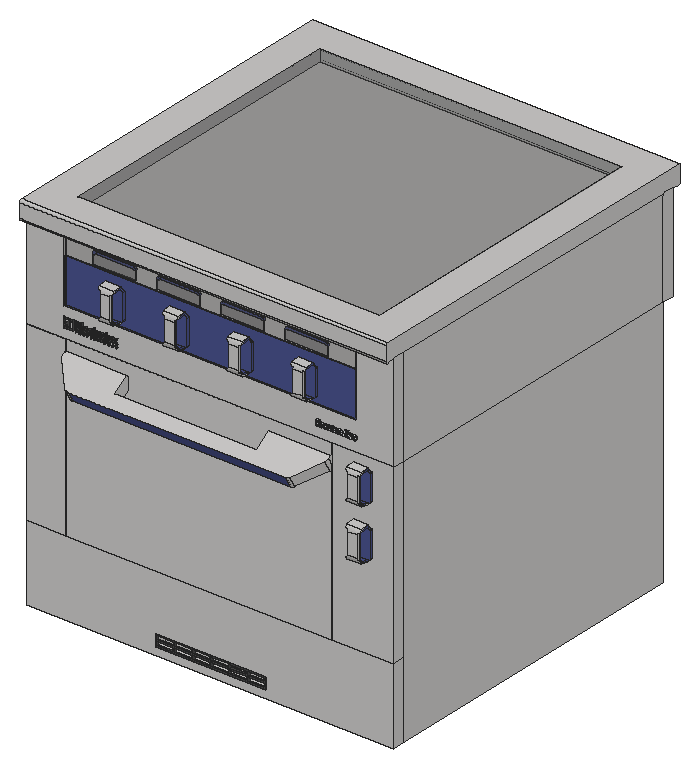
Revit family "QF_ELECTROLUXPROFESSIONAL_588430_MAIMFAH8AO", category Attrezzature speciali, Revit 2020
Family settings
  Quota connettore circolare = Usa diametro
  Tipo di parte = Normale
  Basato su piano di lavoro = No
  Sempre verticale = Sì
  Taglio con vuoti quando caricato = No
  Condiviso = No
  Punto di calcolo locali = No
Parameters (values of type "Standard")
  Weight = 121.00 kg
  Watts = 25000 W
  Volts = 400 V
  URL Manufacturer = "https://www.electroluxprofessional.com/"
  URL = "https://www.electroluxprofessional.com/"
  Steam Supply Size = 0"
  Steam Supply Minimum Pressure = 0.00 psi
  Steam Supply Maximum Pressure = 0.00 psi
  Steam Consumption per Hour = 0
  Refrigeration Suction Line Size = 0 mm
  Refrigeration Liquid Line Size = 0 mm
  Refrigerant Compressor Remote = yes
  Prospetto di default = 0 mm
  Phase = 3
  Modello = "MAIMFAH8AO"
  Produttore = "Electrolux Professional"
  Length Actual = 800 mm  # constant formula
  Item Number = "588430"
  Hot Water Size = 0"
  Height Actual = 800 mm  # constant formula
  HP = "33.5 HP"
  Gas Size = 0"
  Gas KW = 0
  Gas Input Pressure = 0.0 Btu/h
  Direct Waste Size = 0"
  Descrizione = "INDUCTION,4Z,ST.OVEN,1S,800X800X800H"
  Depth Actual = 800 mm  # constant formula
  Cycle = 50 Hz
  Condensate Return Size = 0"
  Compressed Air Volume = 0 GPM
  Compressed Air Size = 0"
  Compressed Air Pressure = 0.00 psi
  Cold Water Size = 0"
  Accessory = yes
Reference planes
  plane 1 "BACK": y = 0
  plane 2: z = 0
  plane 3 "LEFT": x = 0
  plane 4 "RIGHT": x = 800
  plane 5 "FRONT": y = -800
  plane 6 "TOP": z = 900
  plane 7 "Center (Left/Right)": x = 400
  plane 8: y = -400
  plane 9: z = 100
  plane 10: y = -150
  plane 11 "Panel": y = -755
  plane 12: z = 798
  plane 13: z = 1327
  plane 14: x = 78
  plane 15: x = 722
  plane 16: y = -150
  plane 17: y = -650
  plane 18 "EIx": x = 755
  plane 19 "EIy": y = -585
Forms (mm)
  Extrusion 1, solid, material "QF_Finishes_Stainless Steel"
    sketch origin (-178.969, -4572, 100) x (-1, 0, 0) y (0, -1, 0)
      loop
        line (-178.969, -4527) -> (-178.969, -3817) -> (-978.969, -3817) -> (-978.969, -4527) -> (-178.969, -4527)
    from 550 to 763
  Extrusion 2, solid, material "QF_Finishes_Stainless Steel"
    sketch origin (0, 0, 0) x (0, 1, 0) y (0, 0, 1)
      loop
        line (-755, 100) -> (-755, 265) -> (-780, 265) -> (-780, 100) -> (-755, 100)
    from 0 to 800
  Extrusion 3, solid, material "QF_Finishes_Stainless Steel"
    sketch origin (-588.969, -4562, 100) x (-1, 0, 0) y (0, -1, 0)
      loop
        circle (-1343.969, -3977) r 6.35
    from 0 to -11.851
  Extrusion 4, solid, material "QF_Finishes_Stainless Steel"
    sketch origin (400, 296.4, 1219.2) x (0, 1, 0) y (0, 0, 1)
      loop
        line (-296.4, -319.2) -> (-1091.4, -319.2)
        arc (-1091.4, -319.2) -> (-1094.935, -320.664) -> (-1096.4, -324.2) r 5
        line (-1096.4, -324.2) -> (-1096.4, -355.2)
        arc (-1096.4, -355.2) -> (-1094.971, -358.264) -> (-1091.705, -359.139) r 4
        line (-1091.705, -359.139) -> (-1076.4, -356.231) -> (-316.4, -356.231) -> (-301.094, -359.139)
        arc (-301.094, -359.139) -> (-297.829, -358.264) -> (-296.4, -355.2) r 4
        line (-296.4, -355.2) -> (-296.4, -319.2)
    from -400 to 400
  Extrusion 5, solid, material "QF_Finishes_Electrolux_Black Smoke Iluminated"
    sketch origin (0, 0, 900) x (-1, 0, 0) y (0, -1, 0)
      loop
        line (-70, 70) -> (-70, 730) -> (-730, 730) -> (-730, 70) -> (-70, 70)
    from 0 to -20
  Extrusion 6, solid, material "QF_Finishes_Stainless Steel"
    sketch origin (-178.969, -4572, 100) x (-1, 0, 0) y (0, -1, 0)
      loop
        line (-178.969, -4527) -> (-178.969, -3817) -> (-978.969, -3817) -> (-978.969, -4527) -> (-178.969, -4527)
    from 550 to 0
  Extrusion 7, void
    sketch origin (0, -755, 0) x (-1, 0, 0) y (0, 0, 1)
      loop
        line (-520, 116.594) -> (-280, 116.594) -> (-280, 141.594) -> (-520, 141.594) -> (-520, 116.594)
    from 0 to -25
  Extrusion 8, solid, material "QF_Finishes_Black"
    sketch origin (0, -755, 0) x (-1, 0, 0) y (0, 0, 1)
      loop
        line (-280, 141.594) -> (-520, 141.594) -> (-520, 116.594) -> (-280, 116.594) -> (-280, 141.594)
      loop
        line (-282, 139.594) -> (-319.131, 139.594) -> (-319.131, 130.094) -> (-282, 130.094) -> (-282, 139.594)
      loop
        line (-282, 118.594) -> (-282, 128.094) -> (-319.131, 128.094) -> (-319.131, 118.594) -> (-282, 118.594)
      loop
        line (-321.131, 139.594) -> (-359.066, 139.594) -> (-359.066, 130.094) -> (-321.131, 130.094) -> (-321.131, 139.594)
      loop
        line (-399, 139.594) -> (-399, 130.094) -> (-361.066, 130.094) -> (-361.066, 139.594) -> (-399, 139.594)
      loop
        line (-401, 139.594) -> (-438.934, 139.594) -> (-438.934, 130.094) -> (-401, 130.094) -> (-401, 139.594)
      loop
        line (-359.066, 118.594) -> (-321.131, 118.594) -> (-321.131, 128.094) -> (-359.066, 128.094) -> (-359.066, 118.594)
      loop
        line (-361.066, 118.594) -> (-361.066, 128.094) -> (-399, 128.094) -> (-399, 118.594) -> (-361.066, 118.594)
      loop
        line (-401, 128.094) -> (-438.934, 128.094) -> (-438.934, 118.594) -> (-401, 118.594) -> (-401, 128.094)
      loop
        line (-518, 139.594) -> (-518, 130.094) -> (-480.869, 130.094) -> (-480.869, 139.594) -> (-518, 139.594)
      loop
        line (-518, 118.594) -> (-480.869, 118.594) -> (-480.869, 128.094) -> (-518, 128.094) -> (-518, 118.594)
      loop
        line (-478.869, 139.594) -> (-478.869, 130.094) -> (-440.934, 130.094) -> (-440.934, 139.594) -> (-478.869, 139.594)
      loop
        line (-440.934, 118.594) -> (-440.934, 128.094) -> (-478.869, 128.094) -> (-478.869, 118.594) -> (-440.934, 118.594)
    from -25.03 to -20
  Extrusion 9, void
    sketch origin (0, 0, 900) x (-1, 0, 0) y (0, -1, 0)
      loop
        line (-70, 730) -> (-730, 730) -> (-730, 70) -> (-70, 70) -> (-70, 730)
    from 0 to -25
  Extrusion 10, solid, material "QF_Finishes_Stainless Steel"
    sketch origin (400, 296.4, 1219.2) x (0, 1, 0) y (0, 0, 1)
      loop
        line (-341.4, -569.2) -> (-316.4, -569.2) -> (-316.4, -356.231) -> (-341.4, -356.231) -> (-341.4, -569.2)
    from -400 to 400
Cuts and joins
  Extrusion 7 cuts Extrusion 6
  Extrusion 7 cuts Extrusion 2
  Extrusion 9 cuts Extrusion 4
Lines and regions (mm)
  symbolic lines
    curve 1: line (0, 0, 100) -> (800, 0, 100)
    curve 2: line (0, -800, 100) -> (0, 0, 100)
    curve 3: line (800, -800, 100) -> (0, -800, 100)
    curve 4: line (800, 0, 100) -> (800, -800, 100)
    curve 43: line (70, -70, 900) -> (70, -730, 900)
    curve 44: line (730, -70, 900) -> (70, -70, 900)
    curve 45: line (730, -730, 900) -> (730, -70, 900)
    curve 46: line (70, -730, 900) -> (730, -730, 900)
  model lines
    curve 5: line (695.34, -85, 900) -> (104.7, -85, 900)
    curve 6: line (104.7, -85, 900) -> (83.818, -105.882, 900)
    curve 7: line (695.34, -85, 900) -> (716.222, -105.882, 900)
    curve 8: line (695.34, -715.016, 900) -> (104.7, -715.016, 900)
    curve 9: line (104.7, -715.016, 900) -> (83.818, -694.133, 900)
    curve 10: line (695.34, -715.016, 900) -> (716.222, -694.133, 900)
    curve 11: line (111.855, -137.021, 900) -> (111.855, -368.354, 900)
    curve 12: line (111.855, -368.354, 900) -> (129.256, -385.756, 900)
    curve 13: line (111.855, -137.021, 900) -> (129.256, -119.619, 900)
    curve 14: line (195.528, -252.687, 900) -> (293.968, -252.687, 900)
    curve 15: line (377.642, -137.021, 900) -> (377.642, -368.354, 900)
    curve 16: line (377.642, -368.354, 900) -> (360.24, -385.756, 900)
    curve 17: line (377.642, -137.021, 900) -> (360.24, -119.619, 900)
    curve 18: line (244.748, -301.907, 900) -> (244.748, -203.467, 900)
    curve 19: line (688.186, -137.021, 900) -> (688.186, -368.354, 900)
    curve 20: line (688.186, -368.354, 900) -> (670.784, -385.756, 900)
    curve 21: line (688.186, -137.021, 900) -> (670.784, -119.619, 900)
    curve 22: line (604.512, -252.687, 900) -> (506.072, -252.687, 900)
    curve 23: line (422.398, -137.021, 900) -> (422.398, -368.354, 900)
    curve 24: line (422.398, -368.354, 900) -> (439.8, -385.756, 900)
    curve 25: line (422.398, -137.021, 900) -> (439.8, -119.619, 900)
    curve 26: line (555.292, -301.907, 900) -> (555.292, -203.467, 900)
    curve 27: line (111.855, -662.995, 900) -> (111.855, -431.661, 900)
    curve 28: line (111.855, -431.661, 900) -> (129.256, -414.259, 900)
    curve 29: line (111.855, -662.995, 900) -> (129.256, -680.397, 900)
    curve 30: line (195.528, -547.328, 900) -> (293.968, -547.328, 900)
    curve 31: line (377.642, -662.995, 900) -> (377.642, -431.661, 900)
    curve 32: line (377.642, -431.661, 900) -> (360.24, -414.259, 900)
    curve 33: line (377.642, -662.995, 900) -> (360.24, -680.397, 900)
    curve 34: line (244.748, -498.108, 900) -> (244.748, -596.548, 900)
    curve 35: line (688.186, -662.995, 900) -> (688.186, -431.661, 900)
    curve 36: line (688.186, -431.661, 900) -> (670.784, -414.259, 900)
    curve 37: line (688.186, -662.995, 900) -> (670.784, -680.397, 900)
    curve 38: line (604.512, -547.328, 900) -> (506.072, -547.328, 900)
    curve 39: line (422.398, -662.995, 900) -> (422.398, -431.661, 900)
    curve 40: line (422.398, -431.661, 900) -> (439.8, -414.259, 900)
    curve 41: line (422.398, -662.995, 900) -> (439.8, -680.397, 900)
    curve 42: line (555.292, -498.108, 900) -> (555.292, -596.548, 900)
Dimensions and locks
  plane 3 "LEFT" to plane 4 "RIGHT" = 800 mm
  plane 5 "FRONT" to plane 1 "BACK" = 800 mm
  equal spacing: plane 3 "LEFT", plane 7 "Center (Left/Right)", plane 4 "RIGHT"
  equal spacing: plane 5 "FRONT", plane 8, plane 1 "BACK"
  plane 6 "TOP" to level = 900 mm  (x2)
  plane 9 to level = 100 mm
  plane 1 "BACK" to plane 10 to plane 11 "Panel" = 150 mm, 605 mm  (x2)
  plane 6 "TOP" to plane 9 to level = 800 mm, 100 mm
  plane 1 "BACK" to plane 5 "FRONT" = 800 mm
  plane 1 "BACK" to Extrusion 3 = 585 mm
  plane 12 to plane 9 = 698 mm
  plane 13 to plane 6 "TOP" = 427 mm
  plane 6 "TOP" to plane 12 = 102 mm
  plane 14 to plane 3 "LEFT" = 78 mm
  plane 15 to plane 4 "RIGHT" = 78 mm
  locked: plane 1 "BACK" to plane 16 at 150
  locked: plane 16 to plane 17 at 500
  plane 11 "Panel" to plane 5 "FRONT" = 45 mm
  plane 18 "EIx" to plane 4 "RIGHT" = 45 mm
  plane 19 "EIy" to plane 1 "BACK" = 585 mm
  aligned and locked: level to plane 2
  aligned and locked: Extrusion 2 to plane 4 "RIGHT"
  aligned and locked: plane 3 "LEFT" to nested 1
  aligned and locked: nested 4 to plane 4 "RIGHT"
  aligned and locked: nested 4 to plane 11 "Panel"
  aligned and locked: nested 4 to cut or joined group of Extrusion 4, Extrusion 9
  aligned and locked: nested 1 to cut or joined group of Extrusion 6, Extrusion 7
  aligned and locked: Extrusion 10 to plane 3 "LEFT"
  aligned and locked: Extrusion 10 to plane 4 "RIGHT"
Automatic sketch dimensions
  Extrusion 2 sketch curve to plane 9 = 0 mm
  Extrusion 2 sketch curve to plane 11 "Panel" = 0 mm
  Extrusion 2 sketch curve to plane 5 "FRONT" = 20 mm
  plane 9 to Extrusion 2 sketch curve = 165 mm
  Extrusion 3 sketch curve to plane 18 "EIx" = 0 mm
  Extrusion 3 sketch curve to plane 19 "EIy" = 0 mm
  Extrusion 4 sketch curve to plane 5 "FRONT" = 0 mm
  Extrusion 4 sketch curve to plane 6 "TOP" = 0 mm
  Extrusion 4 sketch curve to plane 1 "BACK" = 0 mm
  Extrusion 4 sketch curve to plane 5 "FRONT" = 4 mm
  Extrusion 4 sketch curve to Extrusion 4 sketch curve = 0.695 mm
  Extrusion 4 sketch curve to plane 5 "FRONT" = 5 mm
  Extrusion 4 sketch curve to Extrusion 4 sketch curve = 15.305 mm
  plane 1 "BACK" to Extrusion 4 sketch curve = 20 mm
  plane 1 "BACK" to Extrusion 4 sketch curve = 4.695 mm
  Extrusion 4 sketch curve to Extrusion 4 sketch curve = 4 mm
  Extrusion 4 sketch curve to Extrusion 4 sketch curve = 31 mm
  Extrusion 4 sketch curve to plane 6 "TOP" = 36 mm
  Extrusion 4 sketch curve to Extrusion 4 sketch curve = 2.909 mm
  plane 10 to Extrusion 5 sketch curve = 80 mm
  plane 9 to Extrusion 7 sketch curve = 41.594 mm
  plane 7 "Center (Left/Right)" to Extrusion 7 sketch curve = 120 mm
  Extrusion 7 sketch curve to plane 7 "Center (Left/Right)" = 120 mm
  plane 9 to Extrusion 7 sketch curve = 16.594 mm
  plane 9 to Extrusion 8 sketch curve = 41.594 mm
  plane 7 "Center (Left/Right)" to Extrusion 8 sketch curve = 120 mm
  Extrusion 8 sketch curve to Extrusion 8 sketch curve = 2 mm  (x15)
  Extrusion 8 sketch curve to Extrusion 8 sketch curve = 0 mm  (x16)
  Extrusion 8 sketch curve to Extrusion 8 sketch curve = 37.131 mm  (x2)
  Extrusion 8 sketch curve to Extrusion 8 sketch curve = 37.934 mm  (x3)
  plane 7 "Center (Left/Right)" to Extrusion 8 sketch curve = 1 mm  (x2)
  Extrusion 8 sketch curve to plane 7 "Center (Left/Right)" = 1 mm  (x2)
  plane 9 to Extrusion 8 sketch curve = 18.594 mm  (x4)
  Extrusion 8 sketch curve to Extrusion 8 sketch curve = 9.5 mm  (x6)
  plane 18 "EIx" to Extrusion 9 sketch curve = 25 mm
  plane 14 to Extrusion 9 sketch curve = 8 mm
  plane 10 to Extrusion 9 sketch curve = 80 mm
  plane 11 "Panel" to Extrusion 9 sketch curve = 25 mm
  Extrusion 1 sketch curve to plane 4 "RIGHT" = 0 mm
  Extrusion 1 sketch curve to plane 3 "LEFT" = 0 mm
  Extrusion 1 sketch curve to plane 11 "Panel" = 0 mm
  plane 1 "BACK" to Extrusion 1 sketch curve = 45 mm
  plane 1 "BACK" to curve 1 = 0 mm
  curve 1 to plane 4 "RIGHT" = 0 mm
  curve 2 to plane 3 "LEFT" = 0 mm
  plane 5 "FRONT" to curve 3 = 0 mm
  Extrusion 6 sketch curve to plane 4 "RIGHT" = 0 mm
  Extrusion 6 sketch curve to plane 3 "LEFT" = 0 mm
  Extrusion 6 sketch curve to plane 11 "Panel" = 0 mm
  plane 1 "BACK" to Extrusion 6 sketch curve = 45 mm
  Extrusion 5 sketch curve to plane 15 = 8 mm
  plane 14 to Extrusion 5 sketch curve = 8 mm
  plane 17 to Extrusion 5 sketch curve = 80 mm
  plane 15 to curve 8 = 26.66 mm
  plane 15 to curve 7 = 26.66 mm
  plane 17 to curve 37 = 12.995 mm
  plane 15 to curve 37 = 33.814 mm
  plane 15 to curve 19 = 33.814 mm
  plane 7 "Center (Left/Right)" to curve 23 = 22.398 mm
  plane 7 "Center (Left/Right)" to curve 39 = 22.398 mm
  curve 15 to plane 7 "Center (Left/Right)" = 22.358 mm
  curve 33 to plane 7 "Center (Left/Right)" = 22.358 mm
  curve 27 to plane 14 = 33.855 mm
  curve 11 to plane 14 = 33.855 mm
  curve 8 to plane 14 = 26.7 mm
  curve 5 to plane 14 = 26.7 mm
  plane 17 to curve 33 = 12.995 mm
  plane 17 to curve 29 = 12.995 mm
  curve 36 to plane 8 = 31.661 mm
  curve 32 to plane 8 = 31.661 mm
  curve 39 to plane 8 = 31.661 mm
  curve 28 to plane 8 = 31.661 mm
  plane 8 to curve 11 = 31.646 mm
  plane 8 to curve 15 = 31.646 mm
  plane 8 to curve 24 = 31.646 mm
  plane 8 to curve 20 = 31.646 mm
  plane 10 to curve 15 = 12.979 mm
  plane 10 to curve 13 = 12.979 mm
  plane 10 to curve 23 = 12.979 mm
  plane 10 to curve 19 = 12.979 mm
  curve 5 to curve 19 = 52.021 mm
  plane 17 to curve 39 = 12.995 mm
  plane 11 "Panel" to curve 10 = 39.984 mm
  plane 15 to curve 10 = 5.778 mm
  plane 15 to curve 7 = 5.778 mm
  plane 8 to curve 20 = 14.244 mm
  curve 19 to curve 20 = 17.402 mm
  curve 35 to curve 37 = 17.402 mm  (x2)
  curve 19 to curve 21 = 17.402 mm
  curve 36 to plane 8 = 14.259 mm
  curve 36 to curve 36 = 17.402 mm
  plane 19 "EIy" to curve 38 = 37.672 mm
  plane 15 to curve 38 = 117.488 mm
  plane 15 to curve 22 = 117.488 mm
  curve 22 to curve 26 = 49.22 mm  (x2)
  curve 38 to curve 42 = 49.22 mm
  curve 42 to curve 38 = 49.22 mm  (x2)
  curve 26 to curve 22 = 49.22 mm
  curve 41 to curve 39 = 17.402 mm
  curve 40 to plane 8 = 14.259 mm
  curve 40 to curve 39 = 17.402 mm
  plane 8 to curve 24 = 14.244 mm
  curve 24 to curve 23 = 17.402 mm
  curve 25 to curve 23 = 17.402 mm  (x2)
  curve 31 to curve 33 = 17.402 mm  (x2)
  curve 17 to curve 17 = 17.402 mm  (x2)
  plane 8 to curve 16 = 14.244 mm
  curve 15 to curve 16 = 17.402 mm
  curve 32 to plane 8 = 14.259 mm
  curve 31 to curve 32 = 17.402 mm
  curve 14 to plane 7 "Center (Left/Right)" = 106.032 mm
  plane 19 "EIy" to curve 30 = 37.672 mm
  curve 30 to plane 7 "Center (Left/Right)" = 106.032 mm
  curve 34 to plane 19 "EIy" = 11.548 mm
  curve 30 to curve 34 = 49.22 mm
  curve 14 to curve 18 = 49.22 mm  (x2)
  curve 34 to curve 30 = 49.22 mm  (x2)
  curve 18 to curve 14 = 49.22 mm
  plane 8 to curve 12 = 14.244 mm
  curve 12 to curve 12 = 17.402 mm
  curve 28 to plane 8 = 14.259 mm
  curve 28 to curve 27 = 17.402 mm
  curve 29 to curve 27 = 17.402 mm
  curve 13 to curve 13 = 17.402 mm  (x2)
  curve 9 to plane 14 = 5.818 mm
  curve 6 to plane 14 = 5.818 mm
  curve 42 to plane 19 "EIy" = 11.548 mm
  plane 8 to curve 26 = 98.093 mm
  plane 8 to curve 18 = 98.093 mm
  curve 18 to plane 10 = 53.467 mm
  curve 26 to plane 10 = 53.467 mm
  curve 21 to curve 19 = 17.402 mm
  curve 6 to curve 6 = 20.882 mm
  curve 5 to curve 7 = 20.882 mm
  curve 39 to curve 41 = 17.402 mm
  curve 27 to curve 29 = 17.402 mm
  curve 10 to curve 8 = 20.882 mm
  curve 9 to curve 9 = 20.882 mm
  plane 14 to curve 44 = 8 mm
  plane 1 "BACK" to curve 44 = 70 mm
  curve 44 to plane 15 = 8 mm
  plane 11 "Panel" to curve 43 = 25 mm
  plane 1 "BACK" to Extrusion 10 sketch curve = 45 mm
  plane 1 "BACK" to Extrusion 10 sketch curve = 20 mm
  Extrusion 10 sketch curve to plane 12 = 148 mm
  Extrusion 10 sketch curve to plane 6 "TOP" = 37.031 mm
  radius of Extrusion 3 sketch curve = 6.35 mm
Nested families
  nested 1: "Door_Panel_W800_A" at (300, -755, 0), type "Door_Panel_W800_A"
  nested 2: "FIT Range Control Handle" at (730, -783.167, -372.751), type "FIT Range Control Handle"
  nested 3: "FIT Range Control Handle" at (730, -783.167, -484.751), type "FIT Range Control Handle"
  nested 4: "Front_Panel_W800_4 Knobs" at (202.376, -755, -0.031), type "Front_Panel_W800_4 Knobs"
Connectors
  electrical at (755, -585, 88.149)
    settings: on Extrusion 3, index 1, voltage 400 V, apparent load 33000 VA, apparent load phase1 0 VA, apparent load phase2 0 VA, apparent load phase3 0 VA, power factor 1, load classification "Other", number of poles 1, system type 30, power factor state 1, is connector primary yes, connector utility no, sub classification motor no, connector description "ELECTRICAL CONNECTION"
Definition of nested family "Door_Panel_W800_A"
  Parameters
    Default Elevation = 0 mm
  Reference planes
    plane 1 "Center (Front/Back)": y = 0
    plane 2 "Ref. Level": z = 0
    plane 3: x = 500
    plane 4: x = -300
    plane 5 "Center (Left/Right)": x = 100
    plane 6: x = -215
    plane 7: x = 365
    plane 8 "Manopola": through (-6096, -50.059, 612.389) normal (0, -0.515, 0.8572)
    plane 9 "Top": z = 650
    plane 10: z = 265
    plane 11: z = 200
  Forms (mm)
    Extrusion 1, solid
      sketch origin (100, 0, 0) x (0, 1, 0) y (0, 0, 1)
        loop
          line (-25.03, 650) -> (-25.03, 265) -> (0, 265) -> (0, 650) -> (-25.03, 650)
      from 265 to 400
    Extrusion 2, solid
      sketch origin (100, 0, 0) x (0, 1, 0) y (0, 0, 1)
        loop
          line (-25.03, 650) -> (-25.03, 265) -> (0, 265) -> (0, 650) -> (-25.03, 650)
      from -400 to -315
    Extrusion 3, solid
      sketch origin (100, 0, 0) x (0, 1, 0) y (0, 0, 1)
        loop
          line (-25.03, 650) -> (-25.03, 265) -> (0, 265) -> (0, 650) -> (-25.03, 650)
      from -315 to 265
    Extrusion 4, solid
      sketch origin (0, -283.633, 472.044) x (0, 0.857167, 0.515038) y (-1, 0, 0)
        loop
          line (299.12, -365) -> (299.12, 215) -> (290.982, 215)
          arc (290.982, 215) -> (286.677, 214.026) -> (283.211, 211.293) r 10
          line (283.211, 211.293) -> (233.28, 170.86)
          arc (233.28, 170.86) -> (230.548, 167.394) -> (229.574, 163.089) r 10
          line (229.574, 163.089) -> (229.574, -313.089)
          arc (229.574, -313.089) -> (230.548, -317.394) -> (233.28, -320.86) r 10
          line (233.28, -320.86) -> (283.211, -361.293)
          arc (283.211, -361.293) -> (286.677, -364.026) -> (290.982, -365) r 10
          line (290.982, -365) -> (299.12, -365)
      from -27 to 0
    Extrusion 5, void
      sketch origin (100, 0, 0) x (0, 1, 0) y (0, 0, 1)
        loop
          line (-61.514, 605.507) -> (-47.608, 582.363) -> (-25.03, 595.93) -> (-25.03, 627.429) -> (-61.514, 605.507)
      from -180 to 130
    Extrusion 6, solid, detail levels coarse
      sketch origin (100, 0, 0) x (0, 1, 0) y (0, 0, 1)
        loop
          line (-25.03, 265) -> (-25.03, 650)
          arc (-25.03, 650) -> (-297.266, 537.236) -> (-410.03, 265) r 385
          line (-410.03, 265) -> (-25.03, 265)
      from -315 to 265
  Cuts and joins
    Extrusion 5 cuts Extrusion 4
    joined: Extrusion 3, Extrusion 4
  Lines and regions (mm)
    symbolic lines
      curve 1: line (-207.355, -45.043, 0) -> (-170.86, -83.673, 0)
      curve 2: line (-163.089, -86.85, 0) -> (313.089, -86.85, 0)
      curve 3: line (320.86, -83.673, 0) -> (357.355, -45.043, 0)
      curve 4: arc (-163.089, -86.85, 0) -> (-167.318, -86.101, 0) -> (-170.86, -83.673, 0) r 10.165
      curve 5: arc (313.089, -86.85, 0) -> (317.318, -86.101, 0) -> (320.86, -83.673, 0) r 10.165
      curve 6: line (-215, -45.043, 0) -> (-215, -410.03, 0)
      curve 7: line (-215, -410.03, 0) -> (365, -410.03, 0)
      curve 8: line (365, -410.03, 0) -> (365, -45.03, 0)
  Dimensions and locks
    plane 3 to plane 4 = 800 mm
    plane 4 to plane 3 = 800 mm
    equal spacing: plane 3, plane 5 "Center (Left/Right)", plane 4
    plane 6 to plane 4 = 85 mm
    plane 3 to plane 7 = 135 mm
    plane 11 to level = 200 mm
    plane 10 to plane 11 = 65 mm
    plane 10 to plane 9 "Top" = 385 mm
    plane 9 "Top" to plane 11 = 450 mm
    aligned and locked: plane 3 to Extrusion 1
    aligned and locked: cut or joined group of Extrusion 3, Extrusion 4, Extrusion 5 to plane 6
    aligned and locked: cut or joined group of Extrusion 3, Extrusion 4, Extrusion 5 to plane 7
    aligned and locked: plane 7 to Extrusion 1
    aligned and locked: plane 6 to Extrusion 2
    aligned and locked: Extrusion 2 to plane 4
    aligned and locked: plane 10 to Extrusion 2
    aligned and locked: plane 10 to cut or joined group of Extrusion 3, Extrusion 4, Extrusion 5
    aligned and locked: plane 10 to Extrusion 1
    aligned and locked: Extrusion 6 to plane 6
    aligned and locked: Extrusion 6 to plane 7
  Automatic sketch dimensions
    Extrusion 5 sketch curve to plane 8 "Manopola" = 0 mm  (x2)
    plane 1 "Center (Front/Back)" to Extrusion 5 sketch curve = 61.514 mm
    Extrusion 5 sketch curve to Extrusion 5 sketch curve = 13.906 mm
    plane 1 "Center (Front/Back)" to Extrusion 5 sketch curve = 25.03 mm
    Extrusion 4 sketch curve to plane 7 = 0 mm
    Extrusion 4 sketch curve to plane 6 = 0 mm
    plane 6 to Extrusion 4 sketch curve = 51.911 mm
    plane 7 to Extrusion 4 sketch curve = 44.14 mm
    Extrusion 4 sketch curve to Extrusion 4 sketch curve = 3.707 mm  (x2)
    plane 6 to Extrusion 4 sketch curve = 44.14 mm
    plane 7 to Extrusion 4 sketch curve = 3.707 mm
    Extrusion 4 sketch curve to Extrusion 4 sketch curve = 49.93 mm  (x2)
    plane 6 to Extrusion 4 sketch curve = 3.707 mm
    Extrusion 4 sketch curve to Extrusion 4 sketch curve = 7.771 mm  (x3)
    Extrusion 4 sketch curve to Extrusion 4 sketch curve = 8.138 mm
    Extrusion 2 sketch curve to plane 1 "Center (Front/Back)" = 0 mm
    Extrusion 3 sketch curve to plane 1 "Center (Front/Back)" = 0 mm
    Extrusion 1 sketch curve to plane 1 "Center (Front/Back)" = 0 mm
    Extrusion 2 sketch curve to plane 9 "Top" = 0 mm
    Extrusion 2 sketch curve to Extrusion 2 sketch curve = 25.03 mm
    Extrusion 3 sketch curve to plane 9 "Top" = 0 mm
    Extrusion 3 sketch curve to Extrusion 3 sketch curve = 25.03 mm
    Extrusion 1 sketch curve to plane 9 "Top" = 0 mm
    plane 1 "Center (Front/Back)" to Extrusion 1 sketch curve = 25.03 mm
    level to Extrusion 1 sketch curve = 265 mm
    level to Extrusion 2 sketch curve = 265 mm
    level to Extrusion 3 sketch curve = 265 mm
    plane 10 to Extrusion 6 sketch curve = 0 mm
    Extrusion 6 sketch curve to plane 9 "Top" = 0 mm
    plane 1 "Center (Front/Back)" to Extrusion 6 sketch curve = 25.03 mm
    curve 7 to plane 7 = 0 mm
    plane 6 to curve 1 = 44.14 mm
    curve 4 to curve 4 = 7.389 mm
    curve 4 to curve 2 = 7.771 mm
    plane 7 to curve 2 = 51.911 mm
    curve 2 to curve 5 = 0.382 mm
    curve 2 to curve 3 = 7.771 mm
    plane 1 "Center (Front/Back)" to curve 6 = 410.03 mm
    plane 1 "Center (Front/Back)" to curve 2 = 86.85 mm
    curve 2 to curve 3 = 3.177 mm
    curve 2 to curve 1 = 3.177 mm
    plane 7 to curve 3 = 7.645 mm
    plane 1 "Center (Front/Back)" to curve 3 = 45.043 mm
    curve 3 to curve 8 = 0.013 mm
    curve 7 to plane 6 = 0 mm
    curve 6 to curve 1 = 7.645 mm
    plane 1 "Center (Front/Back)" to curve 1 = 45.043 mm
    curve 6 to curve 1 = 0 mm
Definition of nested family "FIT Range Control Handle"
  Parameters
    Default Elevation = 0 mm
  Reference planes
    plane 1 "Center (Front/Back)": y = 0
    plane 2: z = 0
    plane 3 "Center (Left/Right)": x = 0
    plane 4: z = 971.092
    plane 5: y = -16.8
  Forms (mm)
    Extrusion 1, solid
      sketch origin (-746.28, 380.497, 208.931) x (-1, 0, 0) y (0, 0, 1)
        loop
          line (-770.101, 786.798) -> (-770.101, 731.649)
          arc (-770.101, 731.649) -> (-769.759, 730.563) -> (-768.855, 729.87) r 1.893
          line (-768.855, 729.87) -> (-763.474, 727.911) -> (-729.81, 727.911) -> (-724.428, 729.87)
          arc (-724.428, 729.87) -> (-723.525, 730.563) -> (-723.183, 731.649) r 1.893
          line (-723.183, 731.649) -> (-723.183, 786.798)
          arc (-723.183, 786.798) -> (-723.529, 787.894) -> (-724.44, 788.593) r 1.91
          line (-724.44, 788.593) -> (-729.683, 790.819) -> (-763.601, 790.819) -> (-768.844, 788.593)
          arc (-768.844, 788.593) -> (-769.755, 787.894) -> (-770.101, 786.798) r 1.91
      from -382.35 to -378.852
    Sweep 2, solid
      path origin (-746.788, 380.496, 208.091) x (0, -1, 0) y (0, 0, 1)
        loop
          line (379.775, 793.281) -> (395.661, 791.048)
          arc (395.661, 791.048) -> (397.781, 787.377) -> (398.517, 783.202) r 12.207
          line (398.517, 783.202) -> (398.517, 737.368)
          arc (398.517, 737.368) -> (397.781, 733.193) -> (395.661, 729.522) r 12.207
          line (395.661, 729.522) -> (379.775, 727.289)
      profile origin (-746.788, -7.222, 1000.256) x (0, -0.139173, 0.990268) y (-1, 0, 0)
        loop
          line (0.782, -763.123) -> (0.782, -730.907) -> (-1.322, -730.907) -> (-1.322, -763.123) -> (0.782, -763.123)
    Sweep 3, solid
      path origin (-746.788, 380.715, 207.832) x (0, -1, 0) y (0, 0, 1)
        loop
          line (380.478, 795.442) -> (397.218, 793.09)
          arc (397.218, 793.09) -> (399.929, 788.473) -> (400.871, 783.202) r 15.207
          line (400.871, 783.202) -> (400.871, 737.584)
          arc (400.871, 737.584) -> (399.914, 732.274) -> (397.164, 727.633) r 15.207
          line (397.164, 727.633) -> (380.601, 725.305)
      profile origin (-746.788, -8.132, 1002.099) x (0, -0.139173, 0.990268) y (-1, 0, 0)
        loop
          line (0.782, -763.123) -> (0.782, -730.907) -> (-1.322, -730.907) -> (-1.322, -763.123) -> (0.782, -763.123)
    Extrusion 4, void
      sketch origin (889.253, 220.666, 207.993) x (1, 0, 0) y (0, 0, 1)
        loop
          line (-943.038, 816.854) -> (-943.038, 703.686) -> (-899.466, 734.196) -> (-899.466, 786.344) -> (-943.038, 816.854)
      from 230.636 to 242.25
    Extrusion 5, void
      sketch origin (-888.8, 220.666, 207.993) x (-1, 0, 0) y (0, 0, -1)
        loop
          line (-943.038, -816.854) -> (-899.466, -786.344) -> (-899.466, -734.196) -> (-943.038, -703.686) -> (-943.038, -816.854)
      from 230.636 to 242.25
    Extrusion 6, solid
      sketch origin (0, 0, 0) x (1, 0, 0) y (0, 0, 1)
        loop
          circle (0, 971.092) r 7.736
      from -3.137 to -1.645
  Cuts and joins
    Extrusion 4, Extrusion 5 cuts Sweep 3
    Extrusion 4, Extrusion 5 cuts Sweep 2
    joined: Extrusion 1, Extrusion 6
  Lines and regions (mm)
    symbolic lines
      curve 1: line (-15.881, -19.189, 0) -> (-15.881, -16.8, 0)
      curve 2: line (16.334, -19.189, 0) -> (16.334, -16.8, 0)
      curve 3: spline (-15.881, -19.189, 0) -> (-15.417, -19.349, 0) -> (-14.951, -19.501, 0) -> (-14.483, -19.646, 0) -> (-14.014, -19.783, 0) -> (-13.543, -19.912, 0) -> (-13.071, -20.033, 0) -> (-12.597, -20.146, 0) -> (-12.122, -20.251, 0) -> (-11.646, -20.349, 0) -> (-11.169, -20.438, 0) -> (-10.691, -20.52, 0) -> (-10.213, -20.593, 0)
      curve 4: spline (10.666, -20.593, 0) -> (11.144, -20.52, 0) -> (11.622, -20.438, 0) -> (12.099, -20.349, 0) -> (12.575, -20.251, 0) -> (13.05, -20.146, 0) -> (13.524, -20.033, 0) -> (13.996, -19.912, 0) -> (14.467, -19.783, 0) -> (14.936, -19.646, 0) -> (15.404, -19.501, 0) -> (15.87, -19.349, 0) -> (16.334, -19.189, 0)
      curve 5: line (-10.213, -20.938, 0) -> (10.716, -20.938, 0)
  Dimensions and locks
    cut or joined group of Sweep 3, Extrusion 4, Extrusion 5 to cut or joined group of Sweep 3, Extrusion 4, Extrusion 5 = 71.686 mm
Definition of nested family "Front_Panel_W800_4 Knobs"
  Parameters
    Default Elevation = 0 mm
  Reference planes
    plane 1 "Center (Front/Back)": y = 0
    plane 2: z = 0
    plane 3 "Center (Left/Right)": x = 197.624
    plane 4 "Left": x = -202.376
    plane 5 "Right": x = 597.624
    plane 6: y = -45
    plane 7: x = -12.376
    plane 8: x = 127.624
    plane 9: y = -310
    plane 10: y = -25
    plane 11: x = 517.624
    plane 12: x = -122.376
  Forms (mm)
    Extrusion 1, solid
      sketch origin (833.217, 829.203, -1.25) x (0, 1, 0) y (0, 0, 1)
        loop
          line (-854.203, 651.25) -> (-829.203, 651.25) -> (-829.203, 864.25) -> (-854.203, 864.25) -> (-854.203, 651.25)
      from -1035.593 to -235.593
    Extrusion 2, void
      sketch origin (0, 0, 0) x (1, 0, 0) y (0, 0, 1)
        loop
          line (-122.376, 853.866) -> (-122.376, 711.866) -> (517.624, 711.866) -> (517.624, 853.866) -> (-122.376, 853.866)
      from 19.387 to 33.951
  Cuts and joins
    Extrusion 2 cuts Extrusion 1
  Dimensions and locks
    equal spacing: plane 5 "Right", plane 3 "Center (Left/Right)", plane 4 "Left"
    plane 5 "Right" to plane 4 "Left" = 800 mm
    plane 3 "Center (Left/Right)" to plane 7 = 210 mm
    plane 3 "Center (Left/Right)" to plane 8 = 70 mm
    plane 6 to plane 9 = 265 mm
    aligned and locked: cut or joined group of Extrusion 1, Extrusion 2 to plane 4 "Left"
    aligned and locked: plane 5 "Right" to cut or joined group of Extrusion 1, Extrusion 2
    aligned and locked: plane 3 "Center (Left/Right)" to nested 2
    aligned and locked: cut or joined group of Extrusion 1, Extrusion 2 to nested 2
  Automatic sketch dimensions
    Extrusion 1 sketch curve to plane 1 "Center (Front/Back)" = 0 mm
    level to Extrusion 1 sketch curve = 650 mm
    plane 4 "Left" to Extrusion 2 sketch curve = 80 mm
    Extrusion 2 sketch curve to plane 5 "Right" = 80 mm
    level to Extrusion 2 sketch curve = 711.866 mm
    Extrusion 2 sketch curve to Extrusion 2 sketch curve = 142 mm
    Extrusion 1 sketch curve to plane 6 = 20 mm
    Extrusion 1 sketch curve to Extrusion 1 sketch curve = 213 mm
  Nested families
    nested 1: "Range Control Handle" at (-12.376, -28.137, -209.113) x (-1, 0, 0) z (0, 0, 1), type "Range Control Handle"
    nested 2: "Front glass control panel W800" at (197.624, 280.644, 2.752), type "Front glass control panel W800"
    nested 3: "Range Control Handle" at (127.624, -28.137, -209.113) x (-1, 0, 0) z (0, 0, 1), type "Range Control Handle"
    nested 4: "Range Control Handle" at (407.624, -28.137, -209.113), type "Range Control Handle"
    nested 5: "Range Control Handle" at (267.624, -28.137, -209.113), type "Range Control Handle"
    nested 6: "ELX_ThermaLine_Small" at (468.838, -25, 679.426) x (1, 0, 0) z (0, -1, 0), type "ELX_ThermaLine_Small"
      with Show Logo yes, Material_Logo none
    nested 7: "ELX_Professional_Logo_Small" at (-62.89, -25, 681.659) x (1, 0, 0) z (0, -1, 0), type "ELX_Professional_Logo_Small"
      with Show Logo yes, Material_Logo none
  Definition of nested family "Range Control Handle"
    Parameters
      Default Elevation = 0 mm
    Reference planes
      plane 1 "Center (Front/Back)": y = 0
      plane 2: z = 0
      plane 3 "Center (Left/Right)": x = 0
      plane 4: z = 971.092
      plane 5: y = -16.9
    Forms (mm)
      Extrusion 1, solid
        sketch origin (-746.28, 380.497, 208.931) x (-1, 0, 0) y (0, 0, 1)
          loop
            line (-770.101, 786.798) -> (-770.101, 731.649)
            arc (-770.101, 731.649) -> (-769.759, 730.563) -> (-768.855, 729.87) r 1.893
            line (-768.855, 729.87) -> (-763.474, 727.911) -> (-729.81, 727.911) -> (-724.428, 729.87)
            arc (-724.428, 729.87) -> (-723.525, 730.563) -> (-723.183, 731.649) r 1.893
            line (-723.183, 731.649) -> (-723.183, 786.798)
            arc (-723.183, 786.798) -> (-723.529, 787.894) -> (-724.44, 788.593) r 1.91
            line (-724.44, 788.593) -> (-729.683, 790.819) -> (-763.601, 790.819) -> (-768.844, 788.593)
            arc (-768.844, 788.593) -> (-769.755, 787.894) -> (-770.101, 786.798) r 1.91
        from -382.35 to -378.852
      Sweep 2, solid
        path origin (-746.788, 380.496, 208.091) x (0, -1, 0) y (0, 0, 1)
          loop
            line (379.775, 793.281) -> (395.661, 791.048)
            arc (395.661, 791.048) -> (397.781, 787.377) -> (398.517, 783.202) r 12.207
            line (398.517, 783.202) -> (398.517, 737.368)
            arc (398.517, 737.368) -> (397.781, 733.193) -> (395.661, 729.522) r 12.207
            line (395.661, 729.522) -> (379.775, 727.289)
        profile origin (-746.788, -7.222, 1000.256) x (0, -0.139173, 0.990268) y (-1, 0, 0)
          loop
            line (0.782, -763.123) -> (0.782, -730.907) -> (-1.322, -730.907) -> (-1.322, -763.123) -> (0.782, -763.123)
      Sweep 3, solid
        path origin (-746.788, 380.715, 207.832) x (0, -1, 0) y (0, 0, 1)
          loop
            line (380.478, 795.442) -> (397.218, 793.09)
            arc (397.218, 793.09) -> (399.929, 788.473) -> (400.871, 783.202) r 15.207
            line (400.871, 783.202) -> (400.871, 737.584)
            arc (400.871, 737.584) -> (399.914, 732.274) -> (397.164, 727.633) r 15.207
            line (397.164, 727.633) -> (380.601, 725.305)
        profile origin (-746.788, -8.132, 1002.099) x (0, -0.139173, 0.990268) y (-1, 0, 0)
          loop
            line (0.782, -763.123) -> (0.782, -730.907) -> (-1.322, -730.907) -> (-1.322, -763.123) -> (0.782, -763.123)
      Extrusion 4, void
        sketch origin (889.253, 220.666, 207.993) x (1, 0, 0) y (0, 0, 1)
          loop
            line (-943.038, 816.854) -> (-943.038, 703.686) -> (-899.466, 734.196) -> (-899.466, 786.344) -> (-943.038, 816.854)
        from 230.636 to 242.25
      Extrusion 5, void
        sketch origin (-888.8, 220.666, 207.993) x (-1, 0, 0) y (0, 0, -1)
          loop
            line (-943.038, -816.854) -> (-899.466, -786.344) -> (-899.466, -734.196) -> (-943.038, -703.686) -> (-943.038, -816.854)
        from 230.636 to 242.25
      Extrusion 6, solid
        sketch origin (0, 0, 0) x (1, 0, 0) y (0, 0, 1)
          loop
            circle (0, 971.092) r 7.736
        from -3.137 to -1.645
    Cuts and joins
      Extrusion 4, Extrusion 5 cuts Sweep 3
      Extrusion 4, Extrusion 5 cuts Sweep 2
      joined: Extrusion 1, Extrusion 6
    Lines and regions (mm)
      symbolic lines
        curve 1: line (16.334, -16.9, 0) -> (16.334, -19.227, 0)
        curve 2: spline (16.334, -19.227, 0) -> (15.87, -19.385, 0) -> (15.404, -19.536, 0) -> (14.936, -19.678, 0) -> (14.466, -19.813, 0) -> (13.995, -19.94, 0) -> (13.523, -20.059, 0) -> (13.049, -20.171, 0) -> (12.575, -20.274, 0) -> (12.099, -20.37, 0) -> (11.622, -20.458, 0) -> (11.144, -20.537, 0) -> (10.666, -20.609, 0)
        curve 3: line (10.666, -16.9, 0) -> (10.666, -20.938, 0)
        curve 4: line (-10.213, -20.938, 0) -> (10.666, -20.938, 0)
        curve 5: line (-10.213, -20.938, 0) -> (-10.213, -16.9, 0)
        curve 6: spline (-10.213, -20.609, 0) -> (-10.691, -20.537, 0) -> (-11.169, -20.458, 0) -> (-11.646, -20.37, 0) -> (-12.122, -20.274, 0) -> (-12.597, -20.171, 0) -> (-13.07, -20.059, 0) -> (-13.542, -19.94, 0) -> (-14.013, -19.813, 0) -> (-14.483, -19.678, 0) -> (-14.951, -19.536, 0) -> (-15.417, -19.385, 0) -> (-15.881, -19.227, 0)
        curve 7: line (-15.881, -19.227, 0) -> (-15.881, -16.9, 0)
  Definition of nested family "Front glass control panel W800"
    Parameters
      Default Elevation = 0 mm
    Reference planes
      plane 1 "Center (Front/Back)": y = 0
      plane 2: z = 0
      plane 3 "Center (Left/Right)": x = 0
    Forms (mm)
      Extrusion 1, solid
        sketch origin (378.286, 0, 0.617) x (1, 0, 0) y (0, 0, 1)
          loop
            line (-698.286, 806.791) -> (-698.286, 708.497) -> (-58.286, 708.497) -> (-58.286, 806.791) -> (-698.286, 806.791)
        from 300.031 to 304.8
      Extrusion 2, solid
        sketch origin (378.286, 0, 0.617) x (1, 0, 0) y (0, 0, 1)
          loop
            line (-698.286, 850.497) -> (-698.286, 806.791) -> (-58.286, 806.791) -> (-58.286, 850.497) -> (-698.286, 850.497)
        from 300.031 to 304.8
      Extrusion 3, void
        sketch origin (378.286, 0, 0.617) x (1, 0, 0) y (0, 0, 1)
          loop
            line (-695.628, 847.565) -> (-695.628, 710.699) -> (-61.196, 710.699) -> (-61.196, 847.565) -> (-695.628, 847.565)
        from 303.697 to 304.8
      Extrusion 4, solid
        sketch origin (-378.333, 1.101, -0.633) x (-1, 0, 0) y (0, 0, -1)
          loop
            line (-261.431, -812.62) -> (-355.186, -812.62) -> (-355.186, -834.177) -> (-350.269, -834.177) -> (-348.469, -835.977) -> (-268.039, -835.977) -> (-266.24, -834.177) -> (-261.431, -834.177) -> (-261.431, -812.62)
        from 304.798 to 306.745
      Extrusion 5, solid
        sketch origin (-378.333, 1.101, -0.633) x (-1, 0, 0) y (0, 0, -1)
          loop
            line (-350.269, -834.177) -> (-355.078, -834.177)
            arc (-355.078, -834.177) -> (-353.942, -838.747) -> (-349.686, -840.763) r 5.5
            line (-349.686, -840.763) -> (-266.98, -840.763)
            arc (-266.98, -840.763) -> (-262.706, -838.752) -> (-261.529, -834.177) r 5.549
            line (-261.529, -834.177) -> (-266.24, -834.177) -> (-268.039, -835.977) -> (-348.469, -835.977) -> (-350.269, -834.177)
        from 304.798 to 306.745
      Extrusion 6, solid
        sketch origin (-518.333, 1.101, -0.633) x (-1, 0, 0) y (0, 0, -1)
          loop
            line (-261.431, -812.62) -> (-355.186, -812.62) -> (-355.186, -834.177) -> (-350.269, -834.177) -> (-348.469, -835.977) -> (-268.039, -835.977) -> (-266.24, -834.177) -> (-261.431, -834.177) -> (-261.431, -812.62)
        from 304.798 to 306.745
      Extrusion 7, solid
        sketch origin (-518.333, 1.101, -0.633) x (-1, 0, 0) y (0, 0, -1)
          loop
            line (-350.269, -834.177) -> (-355.078, -834.177)
            arc (-355.078, -834.177) -> (-353.942, -838.747) -> (-349.686, -840.763) r 5.5
            line (-349.686, -840.763) -> (-266.98, -840.763)
            arc (-266.98, -840.763) -> (-262.706, -838.752) -> (-261.529, -834.177) r 5.549
            line (-261.529, -834.177) -> (-266.24, -834.177) -> (-268.039, -835.977) -> (-348.469, -835.977) -> (-350.269, -834.177)
        from 304.798 to 306.745
      Extrusion 8, solid
        sketch origin (378.333, 1.101, -0.633) x (1, 0, 0) y (0, 0, 1)
          loop
            line (-261.431, 812.62) -> (-261.431, 834.177) -> (-266.24, 834.177) -> (-268.039, 835.977) -> (-348.469, 835.977) -> (-350.269, 834.177) -> (-355.186, 834.177) -> (-355.186, 812.62) -> (-261.431, 812.62)
        from 304.798 to 306.745
      Extrusion 9, solid
        sketch origin (378.333, 1.101, -0.633) x (1, 0, 0) y (0, 0, 1)
          loop
            line (-350.269, 834.177) -> (-348.469, 835.977) -> (-268.039, 835.977) -> (-266.24, 834.177) -> (-261.529, 834.177)
            arc (-261.529, 834.177) -> (-262.706, 838.752) -> (-266.98, 840.763) r 5.549
            line (-266.98, 840.763) -> (-349.686, 840.763)
            arc (-349.686, 840.763) -> (-353.942, 838.747) -> (-355.078, 834.177) r 5.5
            line (-355.078, 834.177) -> (-350.269, 834.177)
        from 304.798 to 306.745
      Extrusion 10, solid
        sketch origin (518.333, 1.101, -0.633) x (1, 0, 0) y (0, 0, 1)
          loop
            line (-261.431, 812.62) -> (-261.431, 834.177) -> (-266.24, 834.177) -> (-268.039, 835.977) -> (-348.469, 835.977) -> (-350.269, 834.177) -> (-355.186, 834.177) -> (-355.186, 812.62) -> (-261.431, 812.62)
        from 304.798 to 306.745
      Extrusion 11, solid
        sketch origin (518.333, 1.101, -0.633) x (1, 0, 0) y (0, 0, 1)
          loop
            line (-350.269, 834.177) -> (-348.469, 835.977) -> (-268.039, 835.977) -> (-266.24, 834.177) -> (-261.529, 834.177)
            arc (-261.529, 834.177) -> (-262.706, 838.752) -> (-266.98, 840.763) r 5.549
            line (-266.98, 840.763) -> (-349.686, 840.763)
            arc (-349.686, 840.763) -> (-353.942, 838.747) -> (-355.078, 834.177) r 5.5
            line (-355.078, 834.177) -> (-350.269, 834.177)
        from 304.798 to 306.745
    Cuts and joins
      Extrusion 3 cuts Extrusion 1
      Extrusion 3 cuts Extrusion 2
    Dimensions and locks
      aligned and locked: Extrusion 1 to Extrusion 2
      aligned and locked: Extrusion 5 sketch curve to Extrusion 4  (x5)
      aligned and locked: Extrusion 5 to Extrusion 4
      aligned and locked: Extrusion 7 sketch curve to Extrusion 6  (x5)
      aligned and locked: Extrusion 7 to Extrusion 6
      aligned and locked: Extrusion 9 sketch curve to Extrusion 8  (x4)
      aligned and locked: Extrusion 8 to Extrusion 9 sketch curve
      aligned and locked: Extrusion 9 to Extrusion 8
      aligned and locked: Extrusion 11 sketch curve to Extrusion 10  (x4)
      aligned and locked: Extrusion 10 to Extrusion 11 sketch curve
      aligned and locked: Extrusion 11 to Extrusion 10
  Definition of nested family "ELX_ThermaLine_Small"
    Parameters
      Show Logo [instance] = yes
      Material_Logo [instance] = none
      Default Elevation = 0 mm
    Reference planes
      plane 1 "Centro (Fronte/Retro)": y = 0
      plane 2: z = 0
      plane 3 "Centro (Sinistra/Destra)": x = 0
    Forms (mm)
      Extrusion 1, solid
        sketch origin (0, 0, 0) x (1, 0, 0) y (0, 1, 0)
          loop
            line (-1219.2, 1219.2) -> (-1219.2, -1219.2) -> (1219.2, -1219.2) -> (1219.2, 1219.2) -> (-1219.2, 1219.2)
        from 0 to -304.8
      Extrusion 2, solid
        sketch origin (0, 0, 0) x (1, 0, 0) y (0, 1, 0)
          loop
            line (-37.494, 1.229) -> (-35.908, 1.229) -> (-35.908, 3.066) -> (-37.494, 3.066) -> (-37.494, 6.221) -> (-39.867, 4.881) -> (-39.867, 3.066) -> (-40.969, 3.066) -> (-40.969, 1.229) -> (-39.867, 1.229) -> (-39.867, -3.407)
            arc (-39.867, -3.407) -> (-38.982, -5.513) -> (-36.751, -6.001) r 2.478
            line (-36.751, -6.001) -> (-35.638, -5.7) -> (-35.9, -3.835) -> (-36.661, -4.039)
            arc (-36.661, -4.039) -> (-37.236, -3.924) -> (-37.494, -3.399) r 0.662
            line (-37.494, -3.399) -> (-37.494, 1.229)
          loop
            line (-34.242, 6.539) -> (-34.242, -5.848) -> (-31.854, -5.848) -> (-31.854, -0.078)
            arc (-31.854, -0.078) -> (-30.939, 1.249) -> (-29.33, 1.367) r 1.866
            arc (-29.33, 1.367) -> (-28.695, 0.768) -> (-28.461, -0.073) r 1.627
            line (-28.461, -0.073) -> (-28.461, -5.848) -> (-26.086, -5.848) -> (-26.064, -0.46)
            arc (-26.064, -0.46) -> (-26.261, 0.932) -> (-26.786, 2.237) r 5.825
            arc (-26.786, 2.237) -> (-29.381, 3.264) -> (-31.854, 1.971) r 3.353
            line (-31.854, 1.971) -> (-31.854, 6.539) -> (-34.242, 6.539)
          loop
            arc (-18.398, -0.598) -> (-18.893, 0.879) -> (-20.326, 1.487) r 1.897
            arc (-20.326, 1.487) -> (-21.461, 0.708) -> (-21.897, -0.598) r 2.164
            line (-21.897, -0.598) -> (-18.398, -0.598)
          loop
            arc (-16.021, -2.044) -> (-16.754, 1.227) -> (-19.444, 3.226) r 4.814
            arc (-19.444, 3.226) -> (-22.137, 2.788) -> (-23.943, 0.743) r 4.054
            arc (-23.943, 0.743) -> (-24.382, -1.249) -> (-24.162, -3.276) r 6.289
            arc (-24.162, -3.276) -> (-23.302, -4.71) -> (-21.958, -5.705) r 4.28
            arc (-21.958, -5.705) -> (-18.558, -5.814) -> (-16.152, -3.409) r 4.28
            line (-16.152, -3.409) -> (-18.5, -2.995)
            arc (-18.5, -2.995) -> (-19.273, -3.994) -> (-20.533, -4.076) r 1.536
            arc (-20.533, -4.076) -> (-21.56, -3.281) -> (-21.958, -2.044) r 2.197
            line (-21.958, -2.044) -> (-16.021, -2.044)
          loop
            line (-14.165, -5.848) -> (-11.819, -5.848) -> (-11.819, -2.138)
            arc (-11.819, -2.138) -> (-11.787, -1.156) -> (-11.637, -0.185) r 8.18
            arc (-11.637, -0.185) -> (-10.644, 0.972) -> (-9.132, 0.776) r 1.603
            line (-9.132, 0.776) -> (-8.419, 2.846)
            arc (-8.419, 2.846) -> (-10.432, 3.118) -> (-11.994, 1.821) r 2.527
            line (-11.994, 1.821) -> (-11.994, 3.094) -> (-14.165, 3.094) -> (-14.165, -5.848)
          loop
            line (-7.579, 3.094) -> (-7.579, -5.848) -> (-5.178, -5.848) -> (-5.178, -0.756)
            arc (-5.178, -0.756) -> (-4.727, 0.679) -> (-3.417, 1.419) r 2.05
            arc (-3.417, 1.419) -> (-2.499, 0.908) -> (-2.155, -0.085) r 1.471
            line (-2.155, -0.085) -> (-2.155, -5.848) -> (0.23, -5.848) -> (0.23, -1.001)
            arc (0.23, -1.001) -> (0.47, 0.127) -> (1.148, 1.061) r 2.775
            arc (1.148, 1.061) -> (2.225, 1.329) -> (3.05, 0.587) r 1.182
            arc (3.05, 0.587) -> (3.199, -0.019) -> (3.214, -0.642) r 2.894
            line (3.214, -0.642) -> (3.214, -5.848) -> (5.601, -5.848) -> (5.601, 0.261)
            arc (5.601, 0.261) -> (4.87, 2.263) -> (2.976, 3.241) r 2.932
            arc (2.976, 3.241) -> (1.284, 2.973) -> (-0.047, 1.896) r 3.309
            arc (-0.047, 1.896) -> (-1.116, 2.865) -> (-2.506, 3.258) r 3.16
            arc (-2.506, 3.258) -> (-4.105, 2.942) -> (-5.376, 1.92) r 3.419
            line (-5.376, 1.92) -> (-5.376, 3.094) -> (-7.579, 3.094)
          loop
            line (7.583, 0.738) -> (9.702, 0.364)
            arc (9.702, 0.364) -> (11.441, 1.492) -> (12.855, -0.023) r 1.613
            line (12.855, -0.023) -> (9.782, -0.789)
            arc (9.782, -0.789) -> (8.559, -1.346) -> (7.617, -2.305) r 3.687
            arc (7.617, -2.305) -> (7.499, -3.681) -> (7.901, -5.003) r 3.651
            arc (7.901, -5.003) -> (9.107, -5.766) -> (10.515, -6.006) r 3.635
            arc (10.515, -6.006) -> (11.898, -5.697) -> (13.067, -4.895) r 3.734
            line (13.067, -4.895) -> (13.376, -5.848) -> (15.75, -5.848) -> (15.212, -4.193) -> (15.212, 0.38)
            arc (15.212, 0.38) -> (14.897, 1.849) -> (13.818, 2.895) r 2.585
            arc (13.818, 2.895) -> (11.792, 3.442) -> (9.719, 3.11) r 5.005
            arc (9.719, 3.11) -> (8.369, 2.178) -> (7.583, 0.738) r 3.54
          loop
            line (19.723, -5.848) -> (22.233, -5.848) -> (24.854, 6.484) -> (22.345, 6.484) -> (19.723, -5.848)
          loop
            line (24.583, -5.848) -> (26.953, -5.848) -> (28.848, 3.066) -> (26.478, 3.066) -> (24.583, -5.848)
          loop
            line (27.204, 6.484) -> (26.741, 4.305) -> (29.111, 4.305) -> (29.575, 6.484) -> (27.204, 6.484)
          loop
            line (29.355, -5.848) -> (31.849, -5.848) -> (33.098, 0.028)
            arc (33.098, 0.028) -> (34.169, 1.306) -> (35.832, 1.422) r 2.132
            arc (35.832, 1.422) -> (36.324, 0.752) -> (36.383, -0.078) r 1.5
            line (36.383, -0.078) -> (35.157, -5.848) -> (37.536, -5.848) -> (38.936, 0.738)
            arc (38.936, 0.738) -> (38.775, 2.091) -> (37.825, 3.066) r 2.118
            arc (37.825, 3.066) -> (35.392, 3.175) -> (33.295, 1.937) r 4.271
            line (33.295, 1.937) -> (33.535, 3.066) -> (31.25, 3.066) -> (29.355, -5.848)
          loop
            line (42.792, -0.64) -> (46.589, -0.64)
            arc (46.589, -0.64) -> (46.639, 0.124) -> (46.327, 0.823) r 1.589
            arc (46.327, 0.823) -> (45.117, 1.521) -> (43.762, 1.183) r 1.865
            arc (43.762, 1.183) -> (43.141, 0.344) -> (42.792, -0.64) r 3.538
          loop
            line (42.565, -2.138) -> (48.593, -2.138)
            arc (48.593, -2.138) -> (48.58, 0.597) -> (46.983, 2.818) r 4.494
            arc (46.983, 2.818) -> (44.191, 3.28) -> (41.725, 1.891) r 4.26
            arc (41.725, 1.891) -> (40.503, -0.3) -> (40.284, -2.799) r 6.003
            arc (40.284, -2.799) -> (40.959, -4.468) -> (42.377, -5.576) r 3.482
            arc (42.377, -5.576) -> (44.265, -5.961) -> (46.152, -5.576) r 4.823
            arc (46.152, -5.576) -> (47.432, -4.731) -> (48.328, -3.485) r 4.245
            line (48.328, -3.485) -> (46.168, -3.105)
            arc (46.168, -3.105) -> (45.214, -4.072) -> (43.859, -4.181) r 1.953
            arc (43.859, -4.181) -> (42.821, -3.408) -> (42.565, -2.138) r 1.81
          loop
            line (12.868, -1.553) -> (10.216, -2.214)
            arc (10.216, -2.214) -> (9.747, -3.136) -> (10.216, -4.058) r 1.14
            arc (10.216, -4.058) -> (11.537, -4.249) -> (12.614, -3.46) r 1.763
            arc (12.614, -3.46) -> (12.858, -2.522) -> (12.868, -1.553) r 3.97
        from 0 to 1.6
    Dimensions and locks
      aligned and locked: plane 2 to Extrusion 1
      aligned and locked: level to Extrusion 1
  Definition of nested family "ELX_Professional_Logo_Small"
    Parameters
      Show Logo [instance] = yes
      Material_Logo [instance] = none
      Default Elevation = 0 mm
    Reference planes
      plane 1 "Centro (Fronte/Retro)": y = 0
      plane 2: z = 0
      plane 3 "Centro (Sinistra/Destra)": x = 0
    Forms (mm)
      Extrusion 1, solid
        sketch origin (0, 0, 0) x (1, 0, 0) y (0, 1, 0)
          loop
            line (-1219.2, 1219.2) -> (-1219.2, -1219.2) -> (1219.2, -1219.2) -> (1219.2, 1219.2) -> (-1219.2, 1219.2)
        from 0 to -304.8
      Extrusion 2, solid, material <- "Material_Logo"
        sketch origin (15.5, 0, 0) x (1, 0, 0) y (0, 1, 0)
          loop
            spline (-42.99, -1.24) -> (-43.195, -1.231) -> (-43.415, -1.203) -> (-43.642, -1.152) -> (-43.87, -1.074) -> (-44.095, -0.966) -> (-44.309, -0.825) -> (-44.506, -0.647) -> (-44.681, -0.429) -> (-44.828, -0.167) -> (-44.94, 0.142) -> (-45.011, 0.501) -> (-45.037, 0.915)
            line (-45.037, 0.915) -> (-45.037, 2.748) -> (-38.984, 2.748) -> (-38.984, 5.086) -> (-45.038, 5.086) -> (-45.038, 8.489) -> (-38.599, 8.489) -> (-38.599, 10.82) -> (-47.515, 10.82) -> (-47.515, 1.021)
            spline (-47.515, 1.021) -> (-47.493, 0.418) -> (-47.425, -0.15) -> (-47.311, -0.682) -> (-47.15, -1.175) -> (-46.939, -1.628) -> (-46.678, -2.038) -> (-46.365, -2.404) -> (-46, -2.723) -> (-45.58, -2.995) -> (-45.105, -3.216) -> (-44.573, -3.385) -> (-43.983, -3.499)
            line (-43.983, -3.499) -> (-43.01, -3.569) -> (-38.426, -3.569) -> (-38.426, -1.24) -> (-42.99, -1.24)
          loop
            line (-36.666, 4.021) -> (-36.666, -3.573) -> (-34.188, -3.573) -> (-34.188, 10.824) -> (-36.666, 10.824) -> (-36.666, 4.021)
          loop
            spline (-21.915, 1.897) -> (-21.957, 2.615) -> (-22.082, 3.303) -> (-22.285, 3.955) -> (-22.563, 4.564) -> (-22.913, 5.124) -> (-23.331, 5.629) -> (-23.814, 6.074) -> (-24.359, 6.451) -> (-24.961, 6.755) -> (-25.618, 6.98) -> (-26.326, 7.119) -> (-27.081, 7.167)
            spline (-27.081, 7.167) -> (-27.853, 7.122) -> (-28.586, 6.99) -> (-29.275, 6.774) -> (-29.915, 6.478) -> (-30.5, 6.104) -> (-31.024, 5.657) -> (-31.483, 5.138) -> (-31.871, 4.553) -> (-32.182, 3.904) -> (-32.411, 3.194) -> (-32.552, 2.427) -> (-32.6, 1.606)
            spline (-32.6, 1.606) -> (-32.553, 0.805) -> (-32.416, 0.057) -> (-32.193, -0.637) -> (-31.887, -1.271) -> (-31.504, -1.843) -> (-31.048, -2.35) -> (-30.523, -2.788) -> (-29.934, -3.154) -> (-29.284, -3.444) -> (-28.579, -3.656) -> (-27.822, -3.785) -> (-27.019, -3.829)
            spline (-27.019, -3.829) -> (-26.627, -3.82) -> (-26.239, -3.79) -> (-25.856, -3.739) -> (-25.477, -3.663) -> (-25.103, -3.562) -> (-24.734, -3.432) -> (-24.369, -3.273) -> (-24.01, -3.082) -> (-23.655, -2.858) -> (-23.305, -2.597) -> (-22.96, -2.299) -> (-22.621, -1.962)
            line (-22.621, -1.962) -> (-24.114, -0.509)
            spline (-24.114, -0.509) -> (-24.311, -0.699) -> (-24.509, -0.872) -> (-24.71, -1.03) -> (-24.915, -1.172) -> (-25.126, -1.297) -> (-25.346, -1.407) -> (-25.576, -1.5) -> (-25.817, -1.576) -> (-26.072, -1.636) -> (-26.342, -1.678) -> (-26.629, -1.704) -> (-26.936, -1.713)
            spline (-26.936, -1.713) -> (-27.384, -1.691) -> (-27.805, -1.625) -> (-28.196, -1.518) -> (-28.556, -1.372) -> (-28.882, -1.187) -> (-29.174, -0.966) -> (-29.429, -0.71) -> (-29.645, -0.422) -> (-29.821, -0.102) -> (-29.955, 0.247) -> (-30.045, 0.623) -> (-30.089, 1.026)
            line (-30.089, 1.026) -> (-21.956, 1.026) -> (-21.915, 1.897)
          loop
            spline (-24.446, 2.769) -> (-24.47, 3.075) -> (-24.54, 3.37) -> (-24.654, 3.65) -> (-24.807, 3.913) -> (-24.996, 4.156) -> (-25.219, 4.376) -> (-25.472, 4.57) -> (-25.753, 4.736) -> (-26.057, 4.869) -> (-26.382, 4.968) -> (-26.724, 5.03) -> (-27.081, 5.051)
            spline (-27.081, 5.051) -> (-27.464, 5.03) -> (-27.832, 4.97) -> (-28.183, 4.872) -> (-28.513, 4.74) -> (-28.819, 4.577) -> (-29.099, 4.384) -> (-29.347, 4.165) -> (-29.563, 3.923) -> (-29.742, 3.659) -> (-29.881, 3.377) -> (-29.977, 3.079) -> (-30.027, 2.769)
            line (-30.027, 2.769) -> (-24.446, 2.769)
          loop
            spline (-18.167, 1.669) -> (-18.138, 2.13) -> (-18.055, 2.567) -> (-17.921, 2.978) -> (-17.739, 3.358) -> (-17.512, 3.705) -> (-17.243, 4.016) -> (-16.937, 4.287) -> (-16.596, 4.517) -> (-16.223, 4.7) -> (-15.823, 4.835) -> (-15.398, 4.919) -> (-14.951, 4.947)
            spline (-14.951, 4.947) -> (-14.677, 4.938) -> (-14.414, 4.913) -> (-14.162, 4.871) -> (-13.921, 4.812) -> (-13.69, 4.738) -> (-13.467, 4.649) -> (-13.254, 4.544) -> (-13.048, 4.424) -> (-12.85, 4.291) -> (-12.659, 4.143) -> (-12.474, 3.981) -> (-12.295, 3.806)
            line (-12.295, 3.806) -> (-10.76, 5.403)
            spline (-10.76, 5.403) -> (-11.065, 5.709) -> (-11.38, 5.984) -> (-11.703, 6.228) -> (-12.035, 6.443) -> (-12.375, 6.63) -> (-12.723, 6.788) -> (-13.078, 6.92) -> (-13.44, 7.026) -> (-13.809, 7.107) -> (-14.184, 7.164) -> (-14.564, 7.198) -> (-14.951, 7.209)
            spline (-14.951, 7.209) -> (-15.725, 7.161) -> (-16.467, 7.02) -> (-17.169, 6.792) -> (-17.826, 6.482) -> (-18.43, 6.096) -> (-18.976, 5.637) -> (-19.455, 5.112) -> (-19.862, 4.525) -> (-20.19, 3.882) -> (-20.433, 3.189) -> (-20.584, 2.449) -> (-20.635, 1.669)
            spline (-20.635, 1.669) -> (-20.584, 0.889) -> (-20.433, 0.149) -> (-20.19, -0.545) -> (-19.862, -1.187) -> (-19.455, -1.774) -> (-18.976, -2.299) -> (-18.43, -2.758) -> (-17.826, -3.145) -> (-17.169, -3.454) -> (-16.467, -3.682) -> (-15.725, -3.823) -> (-14.951, -3.871)
            spline (-14.951, -3.871) -> (-14.564, -3.86) -> (-14.184, -3.826) -> (-13.809, -3.77) -> (-13.44, -3.689) -> (-13.078, -3.583) -> (-12.723, -3.451) -> (-12.375, -3.292) -> (-12.035, -3.105) -> (-11.703, -2.89) -> (-11.38, -2.646) -> (-11.065, -2.371) -> (-10.76, -2.066)
            line (-10.76, -2.066) -> (-12.295, -0.468)
